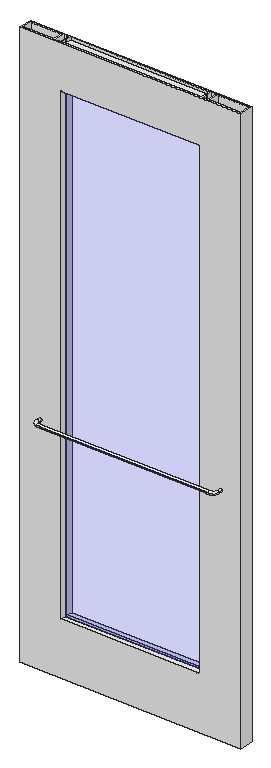
Revit family "kawneer-560_insulclad-sgl_20629", category Doors, Revit 2015
Parameters
  Width = 0"
  Water - Static (ASTM E 331) = "product not tested"
  URL = "http://www.kawneer.com/kawneer/north_america/en/product.asp?prod_id=1821"
  Type of Glazing = "insulating"
  Type Comments = "Wide Stile Insulated Swing Door"
  Thermal Transmittance = "< 0.67 BTU/hr/sf/F"
  Sub Category3 = ""
  Sub Category2 = ""
  Sub Category1 = ""
  Sightline = 0"
  Short Description = "Wide Stile Insulated Swing Door"
  Product data url = "https://bimobject.com/kawneerna/product/20617"
  Panel Inserts Material = Glass
  Overall U-Factor = "product not tested"
  Model = "560 Insulclad®"
  Manufacturer Part Number = "560 Insulclad®"
  Manufacturer = "Kawneer"
  Keywords = "Entrance, Door, Swing Door, Thermally Broken Door"
  Hurricane Resistant Tested = "product not tested"
  Hinging Types = "Offset Pivot, Butt Hinge, Continuous Gear Hinge"
  Height [instance] = 84"
  Glazing Thickness = 0"
  Glass U-Factor = "product not tested"
  Glass Installtion = "outside"
  Glass Capture = "Captured"
  Function (Interior or Exterior) = "Exterior"
  Function = Interior
  Finish = "any"
  Door Panel Material = Aluminum - ASTM B 221 - 6063-T6 alloy and temper
  Door Opening = 0"
  Door Handle Material = Aluminum - ASTM B 221 - 6063-T6 alloy and temper
  Door Corner Construction = "Welded"
  Design Pressure = "n/a"
  Design Load = "n/a"
  Description = "The \"560 Insulclad\" is a narrow stile entrance door that is thermally broken and features the dual moment corner construction."
  Depth = 2"
  Color = "any"
  Cladding Type = "Aluminum - ASTM B 221 - 6063-T6 alloy and temper"
  CSI Masterformat Code = "08 41 13"
  Assembly Code = "B2030110"
  Application = "moderate traffic, thermal"
  Air Infiltration (ASTM E 283) = "< 0.50 cfm/ft2  @ 6.24 psf (300 Pa), Single Doors,"
  2-Color Option = "yes"
Reference planes
  plane 1 "Center (Front/Back)": y = 0
  plane 2: z = 0
  plane 3 "Center (Left/Right)": x = -417.677
  plane 4: x = -831.877
  plane 5: x = -3.477
  plane 6 "Top": z = 2133.6
Text (mm)
  text "Exterior" at (-1161.5, 797.241, 0), in view "Ref. Level"
Dimensions and locks
  equal spacing: plane 4, plane 3 "Center (Left/Right)", plane 5
  "Height": plane 2 to plane 6 "Top"
  aligned and locked: plane 4 to nested 1
  aligned and locked: plane 5 to nested 1
  aligned and locked: nested 1 to plane 1 "Center (Front/Back)"
Nested families
  nested 1: "Kawneer-560_Insulclad-Sgl" at (-728.033, -50, 0) x (-1, 0, 0) z (0, 0, 1), Height <- "Height", type "Kawneer-560_Insulclad-Sgl"
    with Width 32.61417", Height 84", Door Handle Width 26.61417"
Definition of nested family "Kawneer-560_Insulclad-Sgl"
  Parameters
    Width [instance] = 32"
    Water - static (ASTM E 331) = ""
    Type of Glazing = ""
    Thermal transmittance = ""
    Sub Category3 = ""
    Sub Category2 = ""
    Sub Category1 = ""
    Short Description = ""
    Performance standards = ""
    Panel Inserts Material = none
    Overall U-Factor = ""
    Mfr Part Num = ""
    Manufacturer = "Kawneer"
    Keywords = ""
    Hurricane Resistant Tested = ""
    Hinging Types = ""
    Height [instance] = 84"
    Glass capture = ""
    Glass U-Factor = ""
    Glass Installtion = ""
    Function (Interior or Exterior) = ""
    Door Panel Material = none
    Door Hangle Material = none
    Door Hangle Height = 33 25/256"
    Door Handle Width [instance] = Width - (3" * 2)  # 26"
    Door Corner Construction = ""
    Design load = ""
    Design Pressure = ""
    Depth = 2"
    Color = ""
    Cladding Type = ""
    CSI Mastformat Code = ""
    Assembly Code = "B2030110"
    Application = ""
    Air Infiltration (ASTM E 283) = ""
    2-Color Option = ""
  Reference planes
    plane 1 "Center (Front/Back)": y = -50
    plane 2: z = 0
    plane 3 "Center (Left/Right)": x = -310.356
    plane 4: x = -716.756
    plane 5: x = 96.044
    plane 6: y = -24.6
    plane 7: y = -75.4
    plane 8: z = 2133.6
    plane 9: z = 840.68
    plane 10: x = -564.356
    plane 11: x = -56.356
    plane 12: x = -640.556
  Forms (mm)
    Extrusion 1, solid, material <- "Panel Inserts Material"
      sketch origin (0, 0, 0) x (1, 0, 0) y (0, 1, 0)
        loop
          line (-569.317, -44.582) -> (-569.317, -55.418) -> (-51.395, -55.418) -> (-51.395, -44.582) -> (-569.317, -44.582)
      from 191.889 to 1978.661
    Sweep 2, solid, material <- "Door Panel Material"
      path origin (0, -50, 0) x (1, 0, 0) y (0, 0, 1)
        loop
          line (-716.756, 2133.6) -> (-716.756, 0)
      profile "IC560 Side : IC560 Side" origin (-716.756, -50, 1066.8) x (1, 0, 0) y (0, -1, 0)
        loop
          line (122, -20.4) -> (122, 20.439) -> (4.961, 20.439) -> (4.961, -20.4) -> (122, -20.4)
        loop
          line (152.4, 25.4) -> (0, 25.4) -> (0, -25.4) -> (152.4, -25.4) -> (152.4, -5.418) -> (147.439, -5.418) -> (147.439, -20.4) -> (127, -20.4) -> (127, 20.4) -> (147.439, 20.4) -> (147.439, 5.418) -> (152.4, 5.418) -> (152.4, 25.4)
    Sweep 3, solid, material <- "Door Panel Material"
      path origin (0, -50, 0) x (1, 0, 0) y (0, 0, 1)
        loop
          line (96.044, 2133.6) -> (96.044, 0)
      profile "IC560 Side : IC560 Side" origin (96.044, -50, 1066.8) x (1, 0, 0) y (0, -1, 0)
        loop
          line (-122, 20.4) -> (-122, -20.439) -> (-4.961, -20.439) -> (-4.961, 20.4) -> (-122, 20.4)
        loop
          line (-152.4, -25.4) -> (0, -25.4) -> (0, 25.4) -> (-152.4, 25.4) -> (-152.4, 5.418) -> (-147.439, 5.418) -> (-147.439, 20.4) -> (-127, 20.4) -> (-127, -20.4) -> (-147.439, -20.4) -> (-147.439, -5.418) -> (-152.4, -5.418) -> (-152.4, -25.4)
    Sweep 4, solid, material <- "Door Panel Material"
      path origin (0, -50, 0) x (1, 0, 0) y (0, 0, 1)
        loop
          line (-564.356, 2133.6) -> (-56.356, 2133.6)
      profile "IC560 Top : IC560 Top" origin (-310.356, -50, 2133.6) x (0, 0, 1) y (0, -1, 0)
        loop
          line (-122, 20.4) -> (-122, -20.439) -> (-15, -20.439) -> (-15, 20.4) -> (-122, 20.4)
        loop
          line (-127, -20.4) -> (-154.939, -20.4) -> (-154.939, -5.418) -> (-159.9, -5.418) -> (-159.9, -25.4) -> (0, -25.4) -> (0, -20.4) -> (-10, -20.4) -> (-10, 20.4) -> (0, 20.4) -> (0, 25.4) -> (-159.9, 25.4) -> (-159.9, 5.418) -> (-154.939, 5.418) -> (-154.939, 20.4) -> (-127, 20.4) -> (-127, -20.4)
    Sweep 5, solid, material <- "Door Panel Material"
      path origin (0, -50, 0) x (1, 0, 0) y (0, 0, 1)
        loop
          line (-564.356, 0) -> (-56.356, 0)
      profile "IC560 Bottom : IC560 Bottom" origin (-310.356, -50, 0) x (0, 0, 1) y (0, -1, 0)
        loop
          line (158.95, -20.4) -> (158.95, 20.439) -> (15, 20.439) -> (15, -20.4) -> (158.95, -20.4)
        loop
          line (163.95, 20.4) -> (191.889, 20.4) -> (191.889, 5.418) -> (196.85, 5.418) -> (196.85, 25.4) -> (0, 25.4) -> (0, 20.4) -> (10, 20.4) -> (10, -20.4) -> (0, -20.4) -> (0, -25.4) -> (196.85, -25.4) -> (196.85, -5.418) -> (191.889, -5.418) -> (191.889, -20.4) -> (163.95, -20.4) -> (163.95, 20.4)
  Cuts and joins
    joined: Sweep 2, Sweep 3, Sweep 4, Sweep 5
  Dimensions and locks
    equal spacing: plane 4, plane 3 "Center (Left/Right)", plane 5
    equal spacing: plane 6, plane 1 "Center (Front/Back)", plane 7
    "Depth": plane 6 to plane 7
    "Width": plane 4 to plane 5
    "Height": plane 8 to level
    "Door Hangle Height": plane 9 to level
    locked: plane 4 to plane 10 at 152.4
    locked: plane 11 to plane 5 at 152.4
    locked: plane 4 to plane 12 at 76.2
    aligned and locked: plane 7 to nested 1
    aligned and locked: plane 9 to nested 1
    aligned and locked: nested 2 to plane 6
    aligned and locked: nested 2 to plane 9
    aligned and locked: plane 12 to nested 1
    aligned and locked: plane 8 to Sweep 2 sketch curve
    aligned and locked: level to Sweep 2 sketch curve
    aligned and locked: plane 8 to Sweep 3 sketch curve
    aligned and locked: level to Sweep 3 sketch curve
    aligned and locked: plane 10 to Sweep 4 sketch curve
    aligned and locked: plane 11 to Sweep 4 sketch curve
    aligned and locked: cut or joined group of Sweep 2, Sweep 3, Sweep 4, Sweep 5 to Extrusion 1
    aligned and locked: plane 10 to Sweep 5 sketch curve
    aligned and locked: plane 11 to Sweep 5 sketch curve
    aligned and locked: Sweep 5 to Extrusion 1
  Automatic sketch dimensions
    Extrusion 1 sketch curve to plane 10 = 25/128"
    plane 1 "Center (Front/Back)" to Extrusion 1 sketch curve = 0.21331"
    Extrusion 1 sketch curve to plane 1 "Center (Front/Back)" = 0.21331"
    Extrusion 1 sketch curve to plane 11 = 25/128"
    Sweep 2 sketch curve to plane 4 = 0"
    Sweep 3 sketch curve to plane 5 = 0"
    Sweep 4 sketch curve to plane 8 = 0"
    Sweep 5 sketch curve to level = 0"
  Nested families
    nested 1: "Style CO 9 Pull" at (-678.591, -75.4, 612.08), type "Style CO 9 Pull"
    nested 2: "Style CP II Push Bar" at (-260.356, -24.6, 840.68), type "Style CP II Push Bar"
      with Width 26"
  Definition of nested family "Style CO 9 Pull"
    Parameters
      Width = 1.1811"
      Height = 9"
      Hangle Material = none
      Depth = 1.1811"
    Reference planes
      plane 1 "Center (Front/Back)": y = 0
      plane 2: z = 0
      plane 3 "Center (Left/Right)": x = 53.034
      plane 4: y = -30
      plane 5: x = 38.034
      plane 6: x = 68.034
      plane 7: x = 46.034
      plane 8 "Top": z = 228.6
      plane 9: x = 60.034
      plane 10: z = 220.6
      plane 11: z = 8
    Forms (mm)
      Sweep 1, solid, material <- "Hangle Material"
        path origin (0, 0, 0) x (1, 0, 0) y (0, 1, 0)
          loop
            line (38.034, 0) -> (38.034, -23)
            arc (38.034, -23) -> (40.085, -27.95) -> (45.034, -30) r 7
            line (45.034, -30) -> (60.034, -30)
        profile origin (38.034, -11.5, 0) x (1, 0, 0) y (0, 0, 1)
          loop
            circle (0, 0) r 5
      Sweep 2, solid, material <- "Hangle Material"
        path origin (0, 0, 228.6) x (-1, 0, 0) y (0, -1, 0)
          loop
            line (-38.034, 0) -> (-38.034, 23)
            arc (-38.034, 23) -> (-40.085, 27.95) -> (-45.034, 30) r 7
            line (-45.034, 30) -> (-60.034, 30)
        profile origin (38.034, -11.5, 228.6) x (1, 0, 0) y (0, 0, 1)
          loop
            circle (0, 0) r 5
      Sweep 3, solid, material <- "Hangle Material"
        path origin (-1540.712, -30, 1200) x (-1, 0, 0) y (0, 0, 1)
          loop
            arc (-1600.747, -1200) -> (-1606.404, -1197.657) -> (-1608.747, -1192) r 8
            line (-1608.747, -1192) -> (-1608.747, -979.4)
            arc (-1608.747, -979.4) -> (-1606.404, -973.743) -> (-1600.747, -971.4) r 8
        profile origin (68.034, -30, 114.3) x (1, 0, 0) y (0, 1, 0)
          loop
            circle (0, 0) r 5
    Cuts and joins
      joined: Sweep 1, Sweep 2, Sweep 3
    Dimensions and locks
      "Depth": plane 4 to plane 1 "Center (Front/Back)"
      equal spacing: plane 5, plane 3 "Center (Left/Right)", plane 6
      locked: plane 5 to plane 7 at 8
      "Width": plane 5 to plane 6
      "Height": plane 8 "Top" to level
      locked: plane 9 to plane 6 at 8
      locked: level to plane 11 at 8
      locked: plane 10 to plane 8 "Top" at 8
      aligned and locked: Sweep 1 sketch curve to plane 5
      aligned and locked: Sweep 1 sketch curve to plane 4
      aligned and locked: plane 1 "Center (Front/Back)" to Sweep 1 sketch curve
      aligned and locked: plane 9 to Sweep 1 sketch curve
      aligned and locked: Sweep 2 sketch curve to plane 5
      aligned and locked: Sweep 2 sketch curve to plane 4
      aligned and locked: plane 1 "Center (Front/Back)" to Sweep 2 sketch curve
      aligned and locked: plane 9 to Sweep 2 sketch curve
      aligned and locked: plane 6 to Sweep 3 sketch curve  (x2)
      aligned and locked: plane 10 to Sweep 3 sketch curve
      aligned and locked: plane 11 to Sweep 3 sketch curve
      aligned and locked: plane 9 to Sweep 3 sketch curve  (x2)
      aligned and locked: plane 8 "Top" to Sweep 3 sketch curve
      aligned and locked: level to Sweep 3 sketch curve
      aligned and locked: plane 4 to Sweep 3 sketch curve
    Automatic sketch dimensions
      Sweep 1 sketch curve to plane 7 = 0.03937"
      Sweep 1 sketch curve to level = 0"
      Sweep 1 sketch curve to profile plane = 0"
      Sweep 2 sketch curve to plane 7 = 0.03937"
      Sweep 2 sketch curve to plane 8 "Top" = 0"
      Sweep 2 sketch curve to profile plane = 0"
      radius of Sweep 1 sketch curve = 0.19685"
      radius of Sweep 2 sketch curve = 0.19685"
      radius of Sweep 3 sketch curve = 0.19685"
  Definition of nested family "Style CP II Push Bar"
    Parameters
      Width = 28"
      Hangle Material = none
      Depth = 1.1811"
    Reference planes
      plane 1 "Center (Front/Back)": y = 0
      plane 2: z = 0
      plane 3 "Center (Left/Right)": x = -50
      plane 4: x = -405.6
      plane 5: x = 305.6
      plane 6: y = -30
      plane 7: z = 0
    Forms (mm)
      Sweep 1, solid, material <- "Hangle Material"
        path origin (0, 0, 0) x (1, 0, 0) y (0, 1, 0)
          loop
            line (-405.6, 0) -> (-405.6, -15)
            arc (-405.6, -15) -> (-401.207, -25.607) -> (-390.6, -30) r 15
            line (-390.6, -30) -> (290.6, -30)
            arc (290.6, -30) -> (301.207, -25.607) -> (305.6, -15) r 15
            line (305.6, -15) -> (305.6, 0)
        profile origin (-50, -30, 0) x (0, 1, 0) y (0, 0, 1)
          loop
            circle (0, 0) r 5
    Dimensions and locks
      "Depth": plane 6 to plane 1 "Center (Front/Back)"
      equal spacing: plane 4, plane 3 "Center (Left/Right)", plane 5
      "Width": plane 4 to plane 5
      aligned and locked: Sweep 1 sketch curve to plane 5
      aligned and locked: plane 1 "Center (Front/Back)" to Sweep 1 sketch curve  (x2)
      aligned and locked: Sweep 1 sketch curve to plane 4
      aligned and locked: level to plane 7
    Automatic sketch dimensions
      Sweep 1 sketch curve to level = 0"
      Sweep 1 sketch curve to profile plane = 0"
      Sweep 1 sketch curve to plane 6 = 0"
      plane 4 to Sweep 1 sketch curve = 0.59055"
      plane 1 "Center (Front/Back)" to Sweep 1 sketch curve = 0.59055"
      radius of Sweep 1 sketch curve = 0.19685"
